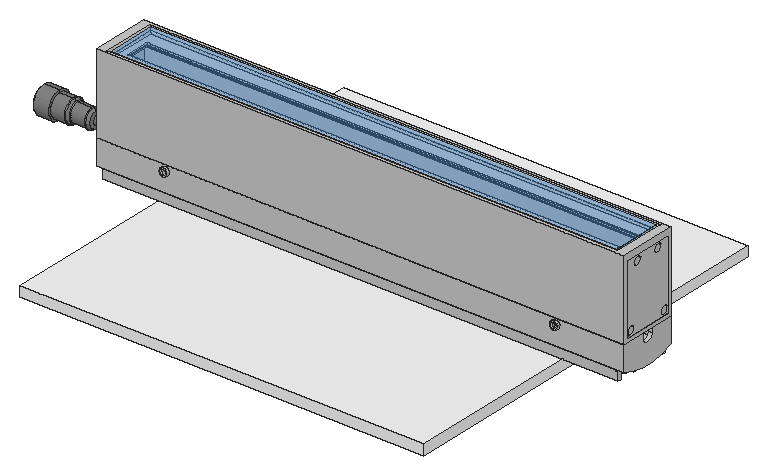
Revit family "BE_77156_de_DE", category Leuchten, Revit 2015
Parameters (values of type "BEGA_77156_Silber_K4")
  built-in parameter 1150104 = 13.686 (stored number, unit not read)
  Wattage = 16.8 W
  Default Elevation = 0 mm
  built-in parameter 1150113 = 1 (stored number, unit not read)
  built-in parameter 1114218 = 1 (stored number, unit not read)
  Umgebungstemperatur = "25 °C"
  URL = "http://www.bega.de/produkt/77156"
  Typenkommentare = "© 2017 BEGA. Wir behalten uns das Recht vor, technische Änderungen ohne vorherige Ankündigung vorzunehmen."  # constant formula
  Type Image = 77156.png
  built-in parameter 1150134 = 12
  built-in parameter 1150109 = 1 (stored number, unit not read)
  Strom = ""
  built-in parameter 1150110 = 1 (stored number, unit not read)
  Spannung = 239.996 V
  Sonderanfertigung = no
  Seriennummer [instance] = "Hier können Sie die eindeutige Seriennummer für das Facility Management eintragen."
  Schutzklasse = "I"
  Schutzart = "IP 65"
  Scheinlast = 0 VA
  Produktdatenblatt = "http://www.bega.de/download/Xrfa/db/77156.db.de.pdf"
  Oberflächentemperatur = ""
  Neigungswinkel = 0.00°
  Modell = "77156A"
  Material_18 = BEGA_Gummi_schwarz
  Material_17 = BEGA_Reflektor
  Material_15 = BEGA_Leuchtmedium_matt
  Material_11 = BEGA_Glas_opal
  Material_10 = BEGA_Glas_matt
  Material_09 = BEGA_Glas_klar
  Material_06 = BEGA_Oberfläche_Edelstahl_gebürstet
  Material_04 = BEGA_Kunststoff_Grafit_matt
  Material_03 = BEGA_Oberfläche_Weiss_matt
  Material_02 = BEGA_Oberfläche_Silber_matt
  Material_01 [instance] = BEGA_Oberfläche_Grafit_matt
  M_W = no
  M_G = no
  M_A = yes
  Logo = 0
  built-in parameter 1114217 = 1 (stored number, unit not read)
  built-in parameter 1150139 = (empty or 0)
  built-in parameter 1150105 = 196.95 (stored number, unit not read)
  built-in parameter 1150114 = 1 (stored number, unit not read)
  Lumens = 2474.98 lm
  built-in parameter 1150115 = 1 (stored number, unit not read)
  Leuchtenlichtstrom = "1019 lm"
  Leuchtenanzahl = ""
  Lebensdauerkriterien = "L70 = 50.000 h"
  Lastklassifizierung = Beleuchtung
  built-in parameter 1150112 = 1 (stored number, unit not read)
  Lampenlichtstrom = "2475 lm"
  Lampe = "LED 16.8 W"
  LED_Modulbezeichnung = "LED-0612/840"
  built-in parameter 1150142 = (empty or 0)
  Hersteller = "BEGA"  # constant formula
  Halbstreuwinkel = ""
  Gewicht = "3.0 kg"
  Gebrauchslageneinschränkung [instance] = ""
  Frequenz = "0/50-60 Hz"
  Farbwiedergabeindex = "Ra > 80"
  Farbtemperaturverschiebung bei Dämpfen der Lampe = <Keine Auswahl>
  Farbtemperatur = "4000 K"
  Color Filter = 16777215
  built-in parameter 1150133 = 10 (stored number, unit not read)
  Energieeffizienzklasse = "LED A++ - A"
  built-in parameter 1150137 = (empty or 0)
  built-in parameter 1150132 = (empty or 0)
  ENEC = ""
  Dimmbar [instance] = "DALI"
  Datei für fotometrisches Netz = "BE_77156.IES"
  CE_Konformität = "ja"
  Bestellnummer = "77156A"
  Beschreibung_Sonderanfertigung = "Hier können Sie Informationen zur Sonderanfertigung eintragen."
  Beschreibung = "Fassadenscheinwerfer"
  built-in parameter 1150106 = 1.9695 (stored number, unit not read)
  Befestigungsbohrung = "Ø 7 mm"
  Befestigungsabstand = "400 mm"
  Ballwurfsicher = ""
  BEGA_Intern_aus = yes
  BEGA_Intern_an = yes
  BEGA_Intern_Konstruktion = yes
  BEGA_Intern = yes
  BEGA_IES = yes
  BEGA_Dummy = no
  Anschlussleitung = "0.5 m X05BQ-F 5 G 1²"
  Anschlussleistung [instance] = "19.5 W"
  Anschlusskasten = ""
  built-in parameter 1150107 = 4000 (stored number, unit not read)
  built-in parameter 1150102 = (empty or 0)
  built-in parameter 1150138 = (empty or 0)
  Aktualisierung = "2017-01-26T04:13:31"
  Abstand_zur_angestrahlten_Fläche [instance] = ""
  AC/DC = "AC/DC"
Types (4, lengths in mm): name | built-in parameter 1150104 | built-in parameter 1150134 | Modell | M_G | M_A | built-in parameter 1150105 | Lumens | Leuchtenlichtstrom | Lampenlichtstrom | LED_Modulbezeichnung | Farbtemperatur | Datei für fotometrisches Netz | Bestellnummer | built-in parameter 1150106 | built-in parameter 1150107
  BEGA_77156_Silber_K3 | 12.525 (stored number, unit not read) | (empty or 0) | "77156AK3" | no | yes | 180.24 (stored number, unit not read) | 2264.98 lm | "932 lm" | "2265 lm" | "LED-0612/830" | "3000 K" | "BE_77156K3.IES" | "77156AK3" | 1.8024 (stored number, unit not read) | 3000 (stored number, unit not read)
  BEGA_77156_Silber_K4 | 13.686 (stored number, unit not read) | 12 | "77156A" | no | yes | 196.95 (stored number, unit not read) | 2474.98 lm | "1019 lm" | "2475 lm" | "LED-0612/840" | "4000 K" | "BE_77156.IES" | "77156A" | 1.9695 (stored number, unit not read) | 4000 (stored number, unit not read)
  BEGA_77156_Grafit_K4 | 13.686 (stored number, unit not read) | 12 | "77156" | yes | no | 196.95 (stored number, unit not read) | 2474.98 lm | "1019 lm" | "2475 lm" | "LED-0612/840" | "4000 K" | "BE_77156.IES" | "77156" | 1.9695 (stored number, unit not read) | 4000 (stored number, unit not read)
  BEGA_77156_Grafit_K3 | 12.525 (stored number, unit not read) | (empty or 0) | "77156K3" | yes | no | 180.24 (stored number, unit not read) | 2264.98 lm | "932 lm" | "2265 lm" | "LED-0612/830" | "3000 K" | "BE_77156K3.IES" | "77156K3" | 1.8024 (stored number, unit not read) | 3000 (stored number, unit not read)
Reference planes
  plane 1 "Mitte (Vorne/Hinten)": y = 0
  plane 2: z = 0
  plane 3 "Mitte (Links/Rechts)": x = 0
  plane 4 "Links": x = -261
  plane 5 "Rechts": x = 261
  plane 6 "Unten": y = -29
  plane 7 "Oben": y = 29
  plane 8 "Vorne": z = 113
  plane 9 "Hinten": z = 0
Forms (mm)
  Extrusion 1, solid, material "BEGA_Platte_Weiss"
    sketch origin (0, -1119.2, 0) x (1, 0, 0) y (0, 1, 0)
      loop
        line (-200, 1319.2) -> (-200, 919.2) -> (200, 919.2) -> (200, 1319.2) -> (-200, 1319.2)
    from 0 to -10
  Extrusion 2, solid, material "BEGA_Dummy_matt", visible <- "BEGA_Dummy"
    sketch origin (80.095, -76.023, 0) x (1, 0, 0) y (0, 1, 0)
      loop
        line (-341.095, 105.023) -> (-341.095, 47.023) -> (180.905, 47.023) -> (180.905, 105.023) -> (-341.095, 105.023)
    from 0 to 113
Dimensions and locks
  plane 1 "Mitte (Vorne/Hinten)" to Extrusion 1 = 200 mm
  aligned and locked: plane 2 to Extrusion 1
  aligned and locked: level to Extrusion 1
Nested families
  nested 1: "BE_77156_Scheinwerfer" at (0, 0, 0), type "BE_77156_Scheinwerfer"
Connectors
  electrical at (0, 0, 0), driven by "Lastklassifizierung", driven by "Spannung", driven by "Scheinlast"
    settings: index 1, voltage 239.996 V, apparent load 0 VA, apparent load phase1 0 VA, apparent load phase2 0 VA, apparent load phase3 0 VA, power factor 1, load classification "Beleuchtung", number of poles 1, system type 31, power factor state 1, is connector primary yes, connector utility no, sub classification motor no, connector description ""
Definition of nested family "BE_77156_Scheinwerfer"
  Parameters (values of type "BE_77156_Scheinwerfer")
    Default Elevation = 1 mm
    URL = "http://www.bega.de/de/produkt"
    Type Comments = "© 2015 BEGA. Wir behalten uns das Recht vor, technische Änderungen ohne vorherige Ankündigung vorzunehmen. "  # constant formula
    Type Image = (empty or 0)
    Material_18 = none
    Material_17 = none
    Material_15 = none
    Material_11 = none
    Material_10 = none
    Material_09 = none
    Material_06 = none
    Material_04 = none
    Material_03 = none
    Material_02 = none
    Material_01 = none
    M_W = yes
    M_G = yes
    M_A = yes
    Länge_Platte = 600 mm  # constant formula
    Höhe_Platte = -10 mm  # constant formula
    Manufacturer = "BEGA"  # constant formula
    Breite_Platte = 200 mm  # constant formula
  Reference planes
    plane 1 "Mitte (Oben/Unten)": y = 0
    plane 2: z = 0
    plane 3 "Mitte (Links/Rechts)": x = 0
    plane 4: x = -342.9
    plane 5: x = 261
    plane 6: z = 113.3
    plane 7: y = -29
    plane 8: y = 29
  Forms (mm)
    Extrusion 1, solid, detail levels medium
      sketch origin (0, 0, 0) x (1, 0, 0) y (0, 1, 0)
        loop
          line (-300, 100) -> (-300, -100) -> (300, -100) -> (300, 100) -> (-300, 100)
      from 0 to -10 <- "Höhe_Platte"
    Extrusion 2, solid, material <- "Material_01", visible <- "M_G", detail levels medium+fine
      sketch origin (0, 0, 0) x (0, 1, 0) y (0, 0, 1)
        loop
          line (-29, 0) -> (-26.3, 0) -> (-26.3, 4.91)
          arc (-26.3, 4.91) -> (-26.086, 5.32) -> (-25.627, 5.379) r 0.5
          arc (-25.627, 5.379) -> (-17.92, 3.003) -> (-10, 1.479) r 74
          line (-10, 1.479) -> (-10, 0.2) -> (10, 0.2) -> (10, 1.482)
          arc (10, 1.482) -> (17.921, 3.006) -> (25.629, 5.383) r 73.998
          arc (25.629, 5.383) -> (26.086, 5.326) -> (26.299, 4.918) r 0.497
          line (26.299, 4.918) -> (26.299, 0) -> (29, 0) -> (29, 8.899)
          arc (29, 8.899) -> (28.775, 9.317) -> (28.302, 9.358) r 0.5
          arc (28.302, 9.358) -> (0, 3.5) -> (-28.301, 9.358) r 71.3
          arc (-28.301, 9.358) -> (-28.774, 9.317) -> (-29, 8.899) r 0.5
          line (-29, 8.899) -> (-29, 0)
      from -255 to 255
    Extrusion 3, solid, material <- "Material_01", visible <- "M_G", detail levels medium+fine
      sketch origin (0, 0, 0) x (0, 1, 0) y (0, 0, 1)
        loop
          arc (-29, 9.993) -> (0, 3.8) -> (29, 9.993) r 71
          line (29, 9.993) -> (29, 34.8) -> (25.401, 34.8) -> (25.401, 12.395)
          arc (25.401, 12.395) -> (0, 7.696) -> (-25.401, 12.395) r 71
          line (-25.401, 12.395) -> (-25.401, 34.8) -> (-29, 34.8) -> (-29, 9.993)
      from -261 to 261
    Sweep 4, solid, material <- "Material_01", visible <- "M_G", detail levels medium+fine
      path origin (0, 0, 0) x (1, 0, 0) y (0, 1, 0)
        loop
          line (-261, 29) -> (-261, -29) -> (261, -29) -> (261, 29) -> (-261, 29)
      profile origin (-261, 0, 0) x (1, 0, 0) y (0, 0, 1)
        loop
          line (0, 113.3) -> (0, 34.8) -> (11, 34.8) -> (11, 40.679) -> (3.5, 40.679) -> (3.5, 103.406) -> (17.035, 103.406)
          arc (17.035, 103.406) -> (17.719, 103.711) -> (18, 104.406) r 1
          line (18, 104.406) -> (18, 105.896)
          arc (18, 105.896) -> (17.713, 106.596) -> (17.017, 106.895) r 1
          line (17.017, 106.895) -> (11.125, 106.895) -> (8.794, 113.3) -> (0, 113.3)
    Extrusion 5, void
      sketch origin (0, 0, 0) x (1, 0, 0) y (0, 0, 1)
        loop
          line (261, 37.756) -> (261, 107.746) -> (258.218, 107.746) -> (258.218, 37.756) -> (261, 37.756)
      from -26.267 to 26.244
    Extrusion 6, solid, material <- "Material_01", visible <- "M_G", detail levels medium+fine
      sketch origin (0, 0, 0) x (1, 0, 0) y (0, 0, 1)
        loop
          line (260.719, 106.748) -> (258.218, 106.748) -> (258.218, 38.353) -> (260.719, 38.353) -> (260.719, 106.748)
      from -25.5 to 25.5
    Extrusion 7, solid, material <- "Material_01", visible <- "M_G", detail levels medium+fine
      sketch origin (0, 0, 0) x (0, 1, 0) y (0, 0, 1)
        loop
          line (-29, 34.8) -> (-29, 9.993)
          arc (-29, 9.993) -> (0, 3.8) -> (29, 9.993) r 71
          line (29, 9.993) -> (29, 34.8) -> (6, 34.8) -> (6, 29.8)
          arc (6, 29.8) -> (0, 23.8) -> (-6, 29.8) r 6
          line (-6, 29.8) -> (-6, 34.8) -> (-29, 34.8)
      from 257 to 261
    Extrusion 8, solid, material <- "Material_01", visible <- "M_G", detail levels medium+fine
      sketch origin (0, 0, 0) x (0, 1, 0) y (0, 0, -1)
        loop
          line (-29, -34.8) -> (-6, -34.8) -> (-6, -29.8)
          arc (-6, -29.8) -> (0, -23.8) -> (6, -29.8) r 6
          line (6, -29.8) -> (6, -34.8) -> (29, -34.8) -> (29, -10.487)
          arc (29, -10.487) -> (0, -4.294) -> (-29, -10.487) r 71
          line (-29, -10.487) -> (-29, -34.8)
      from 257 to 261
    Extrusion 9, void
      sketch origin (0, 0, 0) x (1, 0, 0) y (0, 1, 0)
        loop
          circle (0, 0) r 7.5
        loop
          circle (-200, 0) r 3.5
        loop
          circle (200, 0) r 3.5
      from 0 to 10
    Revolve 10, solid, material <- "Material_01", visible <- "M_G", detail levels medium+fine
      sketch origin (-193, 0, 0) x (0, 1, 0) y (0, 0, 1)
        loop
          line (-31.453, 32.75) -> (-31.453, 31.8) -> (-27.5, 31.8) -> (-27.5, 32.75) -> (-31.453, 32.75)
        axis (-31.453, 28.8) -> (-27.5, 28.8)
      angle from 0 to 360
    Revolve 11, solid, material <- "Material_01", visible <- "M_G", detail levels medium+fine
      sketch origin (193, 0, 0) x (0, 1, 0) y (0, 0, -1)
        loop
          line (-31.453, -32.75) -> (-27.5, -32.75) -> (-27.5, -31.8) -> (-31.453, -31.8) -> (-31.453, -32.75)
        axis (-31.453, -28.8) -> (-27.5, -28.8)
      angle from 0 to 360
    Revolve 12, solid, material <- "Material_06", detail levels fine
      sketch origin (-193, 0, 0) x (0, 1, 0) y (0, 0, 1)
        loop
          line (-30.053, 31.8) -> (-30.053, 28.8) -> (-26.193, 28.8) -> (-26.193, 31.8) -> (-30.053, 31.8)
        axis (-30.053, 28.8) -> (-26.193, 28.8)
      angle from 0 to 360
    Revolve 13, solid, material <- "Material_06", detail levels fine
      sketch origin (193, 0, 0) x (0, 1, 0) y (0, 0, -1)
        loop
          line (-30.053, -31.8) -> (-26.193, -31.8) -> (-26.193, -28.8) -> (-30.053, -28.8) -> (-30.053, -31.8)
        axis (-30.053, -28.8) -> (-26.193, -28.8)
      angle from 0 to 360
    Revolve 14, solid, material <- "Material_04", detail levels medium+fine
      sketch origin (0, 0, 0) x (1, 0, 0) y (0, 0, 1)
        loop
          line (-320.8, 43.3) -> (-335.5, 43.3) -> (-336.7, 42.1) -> (-336.7, 32.8) -> (-342.9, 32.8) -> (-342.9, 29.8) -> (-260.5, 29.8) -> (-260.5, 34.15) -> (-284, 34.15) -> (-284, 37.8) -> (-287, 39.3) -> (-288, 39.3)
          arc (-288, 39.3) -> (-288.146, 38.947) -> (-288.5, 38.8) r 0.5
          line (-288.5, 38.8) -> (-302.464, 38.8)
          arc (-302.464, 38.8) -> (-303.418, 38.99) -> (-304.228, 39.528) r 2.5
          line (-304.228, 39.528) -> (-305.707, 41.008)
          arc (-305.707, 41.008) -> (-306.032, 41.224) -> (-306.414, 41.3) r 1
          line (-306.414, 41.3) -> (-320, 41.3) -> (-320, 39.8) -> (-320.8, 39.8) -> (-320.8, 43.3)
        axis (-342.9, 29.8) -> (-260.5, 29.8)
      angle from 0 to 360
    Revolve 15, void
      sketch origin (0, -12.5, -0.101) x (1, 0, 0) y (0, 0, 1)
        loop
          line (261.225, 106.482) -> (258.494, 103.752) -> (258.494, 101.902) -> (261.225, 101.902) -> (261.225, 106.482)
        axis (258.494, 101.902) -> (261.225, 101.902)
      angle from 0 to 360
    Revolve 16, void
      sketch origin (0, 12.5, -0.101) x (1, 0, 0) y (0, 0, -1)
        loop
          line (261.225, -106.482) -> (261.225, -101.902) -> (258.494, -101.902) -> (258.494, -103.752) -> (261.225, -106.482)
        axis (258.494, -101.902) -> (261.225, -101.902)
      angle from 0 to 360
    Revolve 17, void
      sketch origin (0, -20.5, -58.602) x (1, 0, 0) y (0, 0, 1)
        loop
          line (261.225, 106.482) -> (258.494, 103.752) -> (258.494, 101.902) -> (261.225, 101.902) -> (261.225, 106.482)
        axis (258.494, 101.902) -> (261.225, 101.902)
      angle from 0 to 360
    Revolve 18, void
      sketch origin (0, 20.5, -58.602) x (1, 0, 0) y (0, 0, -1)
        loop
          line (261.225, -106.482) -> (261.225, -101.902) -> (258.494, -101.902) -> (258.494, -103.752) -> (261.225, -106.482)
        axis (258.494, -101.902) -> (261.225, -101.902)
      angle from 0 to 360
    Extrusion 19, solid, material <- "Material_06", detail levels fine
      sketch origin (0, 0, 0) x (0, 1, 0) y (0, 0, 1)
        loop
          circle (-12.5, 101.8) r 4.009
        loop
          circle (12.5, 101.8) r 4.009
        loop
          circle (-20.5, 43.3) r 4.009
        loop
          circle (20.5, 43.3) r 4.009
      from 259.244 to 260.506
    Extrusion 20, solid, material <- "Material_10", detail levels medium+fine
      sketch origin (0, 0, 0) x (1, 0, 0) y (0, 0, 1)
        loop
          line (-250.25, 113) -> (-250.25, 109) -> (250.25, 109) -> (250.25, 113) -> (-250.25, 113)
      from -25 to 25
    Sweep 21, void
      path origin (0, 0, 0) x (1, 0, 0) y (0, 1, 0)
        loop
          line (255, 29) -> (-255, 29) -> (-255, -29) -> (255, -29) -> (255, 29)
      profile origin (0, 29, 0) x (0, -1, 0) y (0, 0, 1)
        loop
          line (12.06, 106.895) -> (9.517, 113.881) -> (2.237, 113.881) -> (4.779, 106.895) -> (12.06, 106.895)
    Extrusion 22, solid, material <- "Material_02", visible <- "M_A", detail levels medium+fine
      sketch origin (0, 0, 0) x (0, 1, 0) y (0, 0, 1)
        loop
          line (-29, 0) -> (-26.3, 0) -> (-26.3, 4.91)
          arc (-26.3, 4.91) -> (-26.086, 5.32) -> (-25.627, 5.379) r 0.5
          arc (-25.627, 5.379) -> (-17.92, 3.003) -> (-10, 1.479) r 74
          line (-10, 1.479) -> (-10, 0.2) -> (10, 0.2) -> (10, 1.482)
          arc (10, 1.482) -> (17.921, 3.006) -> (25.629, 5.383) r 73.998
          arc (25.629, 5.383) -> (26.086, 5.326) -> (26.299, 4.918) r 0.497
          line (26.299, 4.918) -> (26.299, 0) -> (29, 0) -> (29, 8.899)
          arc (29, 8.899) -> (28.775, 9.317) -> (28.302, 9.358) r 0.5
          arc (28.302, 9.358) -> (0, 3.5) -> (-28.301, 9.358) r 71.3
          arc (-28.301, 9.358) -> (-28.774, 9.317) -> (-29, 8.899) r 0.5
          line (-29, 8.899) -> (-29, 0)
      from -255 to 255
    Extrusion 23, solid, material <- "Material_02", visible <- "M_A", detail levels medium+fine
      sketch origin (0, 0, 0) x (0, 1, 0) y (0, 0, 1)
        loop
          arc (-29, 9.993) -> (0, 3.8) -> (29, 9.993) r 71
          line (29, 9.993) -> (29, 34.8) -> (25.401, 34.8) -> (25.401, 12.395)
          arc (25.401, 12.395) -> (0, 7.696) -> (-25.401, 12.395) r 71
          line (-25.401, 12.395) -> (-25.401, 34.8) -> (-29, 34.8) -> (-29, 9.993)
      from -261 to 261
    Extrusion 24, solid, material <- "Material_02", visible <- "M_A", detail levels medium+fine
      sketch origin (0, 0, 0) x (0, 1, 0) y (0, 0, 1)
        loop
          line (-29, 34.8) -> (-29, 9.993)
          arc (-29, 9.993) -> (0, 3.8) -> (29, 9.993) r 71
          line (29, 9.993) -> (29, 34.8) -> (6, 34.8) -> (6, 29.8)
          arc (6, 29.8) -> (0, 23.8) -> (-6, 29.8) r 6
          line (-6, 29.8) -> (-6, 34.8) -> (-29, 34.8)
      from 257 to 261
    Extrusion 25, solid, material <- "Material_02", visible <- "M_A", detail levels medium+fine
      sketch origin (0, 0, 0) x (0, 1, 0) y (0, 0, -1)
        loop
          line (-29, -34.8) -> (-6, -34.8) -> (-6, -29.8)
          arc (-6, -29.8) -> (0, -23.8) -> (6, -29.8) r 6
          line (6, -29.8) -> (6, -34.8) -> (29, -34.8) -> (29, -10.487)
          arc (29, -10.487) -> (0, -4.294) -> (-29, -10.487) r 71
          line (-29, -10.487) -> (-29, -34.8)
      from 257 to 261
    Revolve 26, solid, material <- "Material_02", visible <- "M_A", detail levels medium+fine
      sketch origin (-193, 0, 0) x (0, 1, 0) y (0, 0, 1)
        loop
          line (-31.453, 32.75) -> (-31.453, 31.8) -> (-27.5, 31.8) -> (-27.5, 32.75) -> (-31.453, 32.75)
        axis (-31.453, 28.8) -> (-27.5, 28.8)
      angle from 0 to 360
    Revolve 27, solid, material <- "Material_02", visible <- "M_A", detail levels medium+fine
      sketch origin (193, 0, 0) x (0, 1, 0) y (0, 0, -1)
        loop
          line (-31.453, -32.75) -> (-27.5, -32.75) -> (-27.5, -31.8) -> (-31.453, -31.8) -> (-31.453, -32.75)
        axis (-31.453, -28.8) -> (-27.5, -28.8)
      angle from 0 to 360
    Sweep 28, solid, material <- "Material_02", visible <- "M_A", detail levels medium+fine
      path origin (0, 0, 0) x (1, 0, 0) y (0, 1, 0)
        loop
          line (-261, 29) -> (-261, -29) -> (261, -29) -> (261, 29) -> (-261, 29)
      profile origin (-261, 0, 0) x (1, 0, 0) y (0, 0, 1)
        loop
          line (0, 113.3) -> (0, 34.8) -> (11, 34.8) -> (11, 40.679) -> (3.5, 40.679) -> (3.5, 103.406) -> (17.035, 103.406)
          arc (17.035, 103.406) -> (17.719, 103.711) -> (18, 104.406) r 1
          line (18, 104.406) -> (18, 105.896)
          arc (18, 105.896) -> (17.713, 106.596) -> (17.017, 106.895) r 1
          line (17.017, 106.895) -> (11.125, 106.895) -> (8.794, 113.3) -> (0, 113.3)
    Extrusion 29, solid, material <- "Material_02", visible <- "M_A", detail levels medium+fine
      sketch origin (0, 0, 0) x (1, 0, 0) y (0, 0, 1)
        loop
          line (260.719, 106.748) -> (258.218, 106.748) -> (258.218, 38.353) -> (260.719, 38.353) -> (260.719, 106.748)
      from -25.5 to 25.5
  Cuts and joins
    Extrusion 5, Sweep 21 cuts Sweep 4
    Extrusion 9 cuts Extrusion 3
    Extrusion 9 cuts Extrusion 7
    Extrusion 9 cuts Extrusion 8
    joined: Extrusion 3, Extrusion 7, Extrusion 8, Revolve 10, Revolve 11
    Extrusion 9 cuts Extrusion 2
    Revolve 15, Revolve 16, Revolve 17, Revolve 18 cuts Extrusion 6
    Extrusion 9 cuts Extrusion 22
    joined: Extrusion 23, Extrusion 24, Extrusion 25, Revolve 26, Revolve 27
    Extrusion 5, Sweep 21 cuts Sweep 28
    Revolve 15, Revolve 16, Revolve 17, Revolve 18 cuts Extrusion 29
  Dimensions and locks
    equal spacing: Extrusion 1 sketch curve, plane 3 "Mitte (Links/Rechts)", Extrusion 1 sketch curve
    equal spacing: Extrusion 1 sketch curve, plane 1 "Mitte (Oben/Unten)", Extrusion 1 sketch curve
    "Länge_Platte": Extrusion 1 sketch curve to Extrusion 1 sketch curve
    "Breite_Platte": Extrusion 1 sketch curve to Extrusion 1 sketch curve
    level to Extrusion 3 = 34.8 mm
    aligned and locked: Extrusion 1 to plane 2
    aligned and locked: level to Extrusion 1
  Automatic sketch dimensions
    Extrusion 2 sketch curve to Extrusion 2 sketch curve = 0 mm  (x5)
    Extrusion 2 sketch curve to level = 0 mm  (x2)
    level to Extrusion 2 sketch curve = 8.899 mm
    plane 1 "Mitte (Oben/Unten)" to Extrusion 2 sketch curve = 29 mm
    Extrusion 2 sketch curve to Extrusion 2 sketch curve = 0.5 mm  (x2)
    Extrusion 2 sketch curve to Extrusion 2 sketch curve = 2.7 mm
    level to Extrusion 2 sketch curve = 0.2 mm
    plane 1 "Mitte (Oben/Unten)" to Extrusion 2 sketch curve = 10 mm
    Extrusion 2 sketch curve to plane 1 "Mitte (Oben/Unten)" = 0 mm  (x2)
    Extrusion 2 sketch curve to plane 1 "Mitte (Oben/Unten)" = 10 mm
    level to Extrusion 2 sketch curve = 4.918 mm
    Extrusion 2 sketch curve to Extrusion 2 sketch curve = 15.802 mm
    Extrusion 2 sketch curve to Extrusion 2 sketch curve = 0.497 mm
    Extrusion 2 sketch curve to Extrusion 2 sketch curve = 2.201 mm
    Extrusion 2 sketch curve to Extrusion 2 sketch curve = 2.701 mm
    Extrusion 2 sketch curve to Extrusion 2 sketch curve = 1.279 mm
    Extrusion 2 sketch curve to Extrusion 2 sketch curve = 1.282 mm
    Extrusion 2 sketch curve to Extrusion 2 sketch curve = 3.989 mm
    Extrusion 2 sketch curve to Extrusion 2 sketch curve = 3.981 mm
    Extrusion 2 sketch curve to Extrusion 2 sketch curve = 65.901 mm
    Extrusion 2 sketch curve to Extrusion 2 sketch curve = 0.002 mm
    Extrusion 2 sketch curve to Extrusion 2 sketch curve = 0.198 mm  (x2)
    Extrusion 3 sketch curve to plane 1 "Mitte (Oben/Unten)" = 0 mm  (x2)
    plane 1 "Mitte (Oben/Unten)" to Extrusion 3 sketch curve = 25.401 mm
    Extrusion 3 sketch curve to Extrusion 3 sketch curve = 3.599 mm  (x2)
    level to Extrusion 3 sketch curve = 12.395 mm
    Extrusion 3 sketch curve to plane 1 "Mitte (Oben/Unten)" = 25.401 mm
    Extrusion 3 sketch curve to Extrusion 3 sketch curve = 2.402 mm
    Extrusion 3 sketch curve to Extrusion 3 sketch curve = 22.405 mm  (x2)
    Extrusion 3 sketch curve to Extrusion 3 sketch curve = 40 mm
    Extrusion 3 sketch curve to Extrusion 3 sketch curve = 3.895 mm
    plane 1 "Mitte (Oben/Unten)" to Sweep 4 sketch curve = 29 mm
    Sweep 4 sketch curve to plane 3 "Mitte (Links/Rechts)" = 261 mm
    plane 3 "Mitte (Links/Rechts)" to Sweep 4 sketch curve = 261 mm
    Sweep 4 sketch curve to plane 1 "Mitte (Oben/Unten)" = 29 mm
    profile plane to Sweep 4 sketch curve = 0 mm
    Sweep 4 sketch curve to profile plane = 3.5 mm
    Sweep 4 sketch curve to profile plane = 8.794 mm
    Sweep 4 sketch curve to Sweep 4 sketch curve = 7.5 mm
    Sweep 4 sketch curve to Sweep 4 sketch curve = 2.331 mm
    Sweep 4 sketch curve to Sweep 4 sketch curve = 5.875 mm
    Sweep 4 sketch curve to Sweep 4 sketch curve = 0 mm
    Sweep 4 sketch curve to Sweep 4 sketch curve = 0.017 mm
    Sweep 4 sketch curve to Sweep 4 sketch curve = 0.035 mm
    Sweep 4 sketch curve to Sweep 4 sketch curve = 1 mm
    level to Sweep 4 sketch curve = 34.8 mm
    Sweep 4 sketch curve to Sweep 4 sketch curve = 5.878 mm
    Sweep 4 sketch curve to Sweep 4 sketch curve = 62.728 mm
    Sweep 4 sketch curve to Sweep 4 sketch curve = 1.49 mm
    Sweep 4 sketch curve to Sweep 4 sketch curve = 9.894 mm
    level to Extrusion 5 sketch curve = 37.756 mm
    plane 3 "Mitte (Links/Rechts)" to Extrusion 5 sketch curve = 258.218 mm
    Extrusion 5 sketch curve to Extrusion 5 sketch curve = 2.782 mm
    Extrusion 5 sketch curve to Extrusion 5 sketch curve = 69.99 mm
    level to Extrusion 6 sketch curve = 38.353 mm
    plane 3 "Mitte (Links/Rechts)" to Extrusion 6 sketch curve = 258.218 mm
    Extrusion 6 sketch curve to Extrusion 6 sketch curve = 2.501 mm
    Extrusion 6 sketch curve to Extrusion 6 sketch curve = 68.395 mm
    Extrusion 7 sketch curve to plane 1 "Mitte (Oben/Unten)" = 0 mm  (x2)
    plane 1 "Mitte (Oben/Unten)" to Extrusion 7 sketch curve = 6 mm
    Extrusion 7 sketch curve to Extrusion 7 sketch curve = 23 mm
    level to Extrusion 7 sketch curve = 9.993 mm
    Extrusion 7 sketch curve to plane 1 "Mitte (Oben/Unten)" = 29 mm
    level to Extrusion 7 sketch curve = 29.8 mm
    Extrusion 7 sketch curve to Extrusion 7 sketch curve = 5 mm  (x2)
    Extrusion 7 sketch curve to Extrusion 7 sketch curve = 40 mm
    Extrusion 8 sketch curve to plane 1 "Mitte (Oben/Unten)" = 0 mm  (x2)
    plane 1 "Mitte (Oben/Unten)" to Extrusion 8 sketch curve = 6 mm
    Extrusion 8 sketch curve to Extrusion 8 sketch curve = 23 mm
    level to Extrusion 8 sketch curve = 10.487 mm
    Extrusion 8 sketch curve to plane 1 "Mitte (Oben/Unten)" = 29 mm
    level to Extrusion 8 sketch curve = 29.8 mm
    Extrusion 8 sketch curve to Extrusion 8 sketch curve = 5 mm  (x2)
    Extrusion 8 sketch curve to Extrusion 8 sketch curve = 40.494 mm
    Extrusion 9 sketch curve to plane 1 "Mitte (Oben/Unten)" = 0 mm
    plane 1 "Mitte (Oben/Unten)" to Extrusion 9 sketch curve = 0 mm  (x2)
    Extrusion 9 sketch curve to plane 3 "Mitte (Links/Rechts)" = 0 mm
    Extrusion 9 sketch curve to Extrusion 9 sketch curve = 200 mm
    plane 3 "Mitte (Links/Rechts)" to Extrusion 9 sketch curve = 200 mm
    plane 1 "Mitte (Oben/Unten)" to Revolve 10 sketch curve = 31.453 mm
    Revolve 10 sketch curve to Revolve 10 sketch curve = 3.953 mm
    level to Revolve 10 sketch curve = 31.8 mm
    Revolve 10 sketch curve to Revolve 10 sketch curve = 0.95 mm
    Revolve 10 sketch curve to Revolve 10 sketch curve = 0.641 mm
    Revolve 10 sketch curve to Revolve 10 sketch curve = 2.294 mm
    Revolve 10 sketch curve to Revolve 10 sketch curve = 3 mm
    plane 1 "Mitte (Oben/Unten)" to Revolve 11 sketch curve = 31.453 mm
    Revolve 11 sketch curve to Revolve 11 sketch curve = 3.953 mm
    level to Revolve 11 sketch curve = 32.75 mm
    Revolve 11 sketch curve to Revolve 11 sketch curve = 0.95 mm
    Revolve 11 sketch curve to Revolve 11 sketch curve = 0.641 mm
    Revolve 11 sketch curve to Revolve 11 sketch curve = 2.294 mm
    Revolve 11 sketch curve to Revolve 11 sketch curve = 3 mm
    plane 1 "Mitte (Oben/Unten)" to Revolve 12 sketch curve = 30.053 mm
    Revolve 12 sketch curve to Revolve 12 sketch curve = 3.861 mm
    level to Revolve 12 sketch curve = 28.8 mm
    Revolve 12 sketch curve to Revolve 12 sketch curve = 3 mm
    Revolve 12 sketch curve to Revolve 12 sketch curve = 1.053 mm
    Revolve 12 sketch curve to Revolve 12 sketch curve = 1.25 mm
    Revolve 12 sketch curve to Revolve 12 sketch curve = 0 mm
    plane 1 "Mitte (Oben/Unten)" to Revolve 13 sketch curve = 30.053 mm
    Revolve 13 sketch curve to Revolve 13 sketch curve = 3.861 mm
    level to Revolve 13 sketch curve = 31.8 mm
    Revolve 13 sketch curve to Revolve 13 sketch curve = 3 mm
    Revolve 13 sketch curve to Revolve 13 sketch curve = 1.053 mm
    Revolve 13 sketch curve to Revolve 13 sketch curve = 1.25 mm
    Revolve 13 sketch curve to Revolve 13 sketch curve = 0 mm
    level to Revolve 14 sketch curve = 29.8 mm
    Revolve 14 sketch curve to plane 3 "Mitte (Links/Rechts)" = 342.9 mm
    level to Revolve 14 sketch curve = 42.1 mm
    Revolve 14 sketch curve to Revolve 14 sketch curve = 6.2 mm
    level to Revolve 14 sketch curve = 43.3 mm
    Revolve 14 sketch curve to Revolve 14 sketch curve = 1.2 mm
    Revolve 14 sketch curve to Revolve 14 sketch curve = 14.7 mm
    Revolve 14 sketch curve to Revolve 14 sketch curve = 0.8 mm
    Revolve 14 sketch curve to Revolve 14 sketch curve = 13.586 mm
    level to Revolve 14 sketch curve = 39.528 mm
    Revolve 14 sketch curve to Revolve 14 sketch curve = 2.187 mm
    Revolve 14 sketch curve to Revolve 14 sketch curve = 1.763 mm
    Revolve 14 sketch curve to Revolve 14 sketch curve = 13.964 mm
    Revolve 14 sketch curve to Revolve 14 sketch curve = 0.5 mm
    Revolve 14 sketch curve to Revolve 14 sketch curve = 1 mm  (x2)
    level to Revolve 14 sketch curve = 37.8 mm
    Revolve 14 sketch curve to Revolve 14 sketch curve = 3 mm  (x2)
    Revolve 14 sketch curve to Revolve 14 sketch curve = 23.5 mm
    Revolve 14 sketch curve to Revolve 14 sketch curve = 4.35 mm
    Revolve 14 sketch curve to Revolve 14 sketch curve = 3.5 mm
    Revolve 14 sketch curve to Revolve 14 sketch curve = 0.772 mm
    Revolve 14 sketch curve to Revolve 14 sketch curve = 1.5 mm
    Revolve 14 sketch curve to Revolve 14 sketch curve = 0.707 mm
    level to Revolve 14 sketch curve = 41.008 mm
    Revolve 14 sketch curve to Revolve 14 sketch curve = 0 mm
    Revolve 14 sketch curve to Revolve 14 sketch curve = 3.702 mm
    Revolve 14 sketch curve to Revolve 14 sketch curve = 7.729 mm
    Revolve 14 sketch curve to Revolve 14 sketch curve = 9 mm
    level to Revolve 15 sketch curve = 101.8 mm
    plane 3 "Mitte (Links/Rechts)" to Revolve 15 sketch curve = 258.494 mm
    Revolve 15 sketch curve to Revolve 15 sketch curve = 2.731 mm  (x2)
    Revolve 15 sketch curve to Revolve 15 sketch curve = 1.85 mm
    Revolve 15 sketch curve to Revolve 15 sketch curve = 0 mm  (x2)
    Revolve 15 sketch curve to Revolve 15 sketch curve = 1.225 mm
    level to Revolve 16 sketch curve = 101.8 mm
    plane 3 "Mitte (Links/Rechts)" to Revolve 16 sketch curve = 258.494 mm
    Revolve 16 sketch curve to Revolve 16 sketch curve = 2.731 mm  (x2)
    Revolve 16 sketch curve to Revolve 16 sketch curve = 1.85 mm
    Revolve 16 sketch curve to Revolve 16 sketch curve = 0 mm  (x2)
    Revolve 16 sketch curve to Revolve 16 sketch curve = 1.225 mm
    level to Revolve 17 sketch curve = 43.3 mm
    plane 3 "Mitte (Links/Rechts)" to Revolve 17 sketch curve = 258.494 mm
    Revolve 17 sketch curve to Revolve 17 sketch curve = 2.731 mm  (x2)
    Revolve 17 sketch curve to Revolve 17 sketch curve = 1.85 mm
    Revolve 17 sketch curve to Revolve 17 sketch curve = 0 mm  (x2)
    Revolve 17 sketch curve to Revolve 17 sketch curve = 1.225 mm
    level to Revolve 18 sketch curve = 43.3 mm
    plane 3 "Mitte (Links/Rechts)" to Revolve 18 sketch curve = 258.494 mm
    Revolve 18 sketch curve to Revolve 18 sketch curve = 2.731 mm  (x2)
    Revolve 18 sketch curve to Revolve 18 sketch curve = 1.85 mm
    Revolve 18 sketch curve to Revolve 18 sketch curve = 0 mm  (x2)
    Revolve 18 sketch curve to Revolve 18 sketch curve = 1.225 mm
    plane 1 "Mitte (Oben/Unten)" to Extrusion 19 sketch curve = 20.5 mm
    plane 1 "Mitte (Oben/Unten)" to Extrusion 19 sketch curve = 12.5 mm
    Extrusion 19 sketch curve to plane 1 "Mitte (Oben/Unten)" = 12.5 mm
    Extrusion 19 sketch curve to plane 1 "Mitte (Oben/Unten)" = 20.5 mm
    level to Extrusion 19 sketch curve = 43.3 mm
    Extrusion 19 sketch curve to Extrusion 19 sketch curve = 0 mm  (x2)
    Extrusion 19 sketch curve to Extrusion 19 sketch curve = 58.5 mm
    level to Extrusion 20 sketch curve = 109 mm
    Extrusion 20 sketch curve to plane 3 "Mitte (Links/Rechts)" = 250.25 mm
    plane 3 "Mitte (Links/Rechts)" to Extrusion 20 sketch curve = 250.25 mm
    Extrusion 20 sketch curve to Extrusion 20 sketch curve = 4 mm
    Sweep 21 sketch curve to plane 1 "Mitte (Oben/Unten)" = 29 mm
    Sweep 21 sketch curve to plane 3 "Mitte (Links/Rechts)" = 255 mm
    plane 1 "Mitte (Oben/Unten)" to Sweep 21 sketch curve = 29 mm
    plane 3 "Mitte (Links/Rechts)" to Sweep 21 sketch curve = 255 mm
    Sweep 21 sketch curve to profile plane = 2.237 mm
    Sweep 21 sketch curve to profile plane = 4.779 mm
    Sweep 21 sketch curve to Sweep 21 sketch curve = 7.28 mm  (x2)
    level to Sweep 21 sketch curve = 106.895 mm
    Sweep 21 sketch curve to Sweep 21 sketch curve = 6.985 mm
    Extrusion 22 sketch curve to Extrusion 22 sketch curve = 0 mm  (x5)
    Extrusion 22 sketch curve to level = 0 mm  (x2)
    level to Extrusion 22 sketch curve = 8.899 mm
    plane 1 "Mitte (Oben/Unten)" to Extrusion 22 sketch curve = 29 mm
    Extrusion 22 sketch curve to Extrusion 22 sketch curve = 0.5 mm  (x2)
    Extrusion 22 sketch curve to Extrusion 22 sketch curve = 2.7 mm
    level to Extrusion 22 sketch curve = 0.2 mm
    plane 1 "Mitte (Oben/Unten)" to Extrusion 22 sketch curve = 10 mm
    Extrusion 22 sketch curve to plane 1 "Mitte (Oben/Unten)" = 0 mm  (x2)
    Extrusion 22 sketch curve to plane 1 "Mitte (Oben/Unten)" = 10 mm
    level to Extrusion 22 sketch curve = 4.918 mm
    Extrusion 22 sketch curve to Extrusion 22 sketch curve = 15.802 mm
    Extrusion 22 sketch curve to Extrusion 22 sketch curve = 0.497 mm
    Extrusion 22 sketch curve to Extrusion 22 sketch curve = 2.201 mm
    Extrusion 22 sketch curve to Extrusion 22 sketch curve = 2.701 mm
    Extrusion 22 sketch curve to Extrusion 22 sketch curve = 1.279 mm
    Extrusion 22 sketch curve to Extrusion 22 sketch curve = 1.282 mm
    Extrusion 22 sketch curve to Extrusion 22 sketch curve = 3.989 mm
    Extrusion 22 sketch curve to Extrusion 22 sketch curve = 3.981 mm
    Extrusion 22 sketch curve to Extrusion 22 sketch curve = 65.901 mm
    Extrusion 22 sketch curve to Extrusion 22 sketch curve = 0.002 mm
    Extrusion 22 sketch curve to Extrusion 22 sketch curve = 0.198 mm  (x2)
    Extrusion 23 sketch curve to plane 1 "Mitte (Oben/Unten)" = 0 mm  (x2)
    plane 1 "Mitte (Oben/Unten)" to Extrusion 23 sketch curve = 25.401 mm
    Extrusion 23 sketch curve to Extrusion 23 sketch curve = 3.599 mm  (x2)
    level to Extrusion 23 sketch curve = 12.395 mm
    Extrusion 23 sketch curve to plane 1 "Mitte (Oben/Unten)" = 25.401 mm
    Extrusion 23 sketch curve to Extrusion 23 sketch curve = 2.402 mm
    Extrusion 23 sketch curve to Extrusion 23 sketch curve = 22.405 mm  (x2)
    Extrusion 23 sketch curve to Extrusion 23 sketch curve = 40 mm
    Extrusion 23 sketch curve to Extrusion 23 sketch curve = 3.895 mm
    Extrusion 24 sketch curve to plane 1 "Mitte (Oben/Unten)" = 0 mm  (x2)
    plane 1 "Mitte (Oben/Unten)" to Extrusion 24 sketch curve = 6 mm
    Extrusion 24 sketch curve to Extrusion 24 sketch curve = 23 mm
    level to Extrusion 24 sketch curve = 9.993 mm
    Extrusion 24 sketch curve to plane 1 "Mitte (Oben/Unten)" = 29 mm
    level to Extrusion 24 sketch curve = 29.8 mm
    Extrusion 24 sketch curve to Extrusion 24 sketch curve = 5 mm  (x2)
    Extrusion 24 sketch curve to Extrusion 24 sketch curve = 40 mm
    Extrusion 25 sketch curve to plane 1 "Mitte (Oben/Unten)" = 0 mm  (x2)
    plane 1 "Mitte (Oben/Unten)" to Extrusion 25 sketch curve = 6 mm
    Extrusion 25 sketch curve to Extrusion 25 sketch curve = 23 mm
    level to Extrusion 25 sketch curve = 10.487 mm
    Extrusion 25 sketch curve to plane 1 "Mitte (Oben/Unten)" = 29 mm
    level to Extrusion 25 sketch curve = 29.8 mm
    Extrusion 25 sketch curve to Extrusion 25 sketch curve = 5 mm  (x2)
    Extrusion 25 sketch curve to Extrusion 25 sketch curve = 40.494 mm
    plane 1 "Mitte (Oben/Unten)" to Revolve 26 sketch curve = 31.453 mm
    Revolve 26 sketch curve to Revolve 26 sketch curve = 3.953 mm
    level to Revolve 26 sketch curve = 31.8 mm
    Revolve 26 sketch curve to Revolve 26 sketch curve = 0.95 mm
    Revolve 26 sketch curve to Revolve 26 sketch curve = 0.641 mm
    Revolve 26 sketch curve to Revolve 26 sketch curve = 2.294 mm
    Revolve 26 sketch curve to Revolve 26 sketch curve = 3 mm
    plane 1 "Mitte (Oben/Unten)" to Revolve 27 sketch curve = 31.453 mm
    Revolve 27 sketch curve to Revolve 27 sketch curve = 3.953 mm
    level to Revolve 27 sketch curve = 32.75 mm
    Revolve 27 sketch curve to Revolve 27 sketch curve = 0.95 mm
    Revolve 27 sketch curve to Revolve 27 sketch curve = 0.641 mm
    Revolve 27 sketch curve to Revolve 27 sketch curve = 2.294 mm
    Revolve 27 sketch curve to Revolve 27 sketch curve = 3 mm
    plane 1 "Mitte (Oben/Unten)" to Sweep 28 sketch curve = 29 mm
    Sweep 28 sketch curve to plane 3 "Mitte (Links/Rechts)" = 261 mm
    plane 3 "Mitte (Links/Rechts)" to Sweep 28 sketch curve = 261 mm
    Sweep 28 sketch curve to plane 1 "Mitte (Oben/Unten)" = 29 mm
    profile plane to Sweep 28 sketch curve = 0 mm
    Sweep 28 sketch curve to profile plane = 3.5 mm
    Sweep 28 sketch curve to profile plane = 8.794 mm
    Sweep 28 sketch curve to Sweep 28 sketch curve = 7.5 mm
    Sweep 28 sketch curve to Sweep 28 sketch curve = 2.331 mm
    Sweep 28 sketch curve to Sweep 28 sketch curve = 5.875 mm
    Sweep 28 sketch curve to Sweep 28 sketch curve = 0 mm
    Sweep 28 sketch curve to Sweep 28 sketch curve = 0.017 mm
    Sweep 28 sketch curve to Sweep 28 sketch curve = 0.035 mm
    Sweep 28 sketch curve to Sweep 28 sketch curve = 1 mm
    level to Sweep 28 sketch curve = 34.8 mm
    Sweep 28 sketch curve to Sweep 28 sketch curve = 5.878 mm
    Sweep 28 sketch curve to Sweep 28 sketch curve = 62.728 mm
    Sweep 28 sketch curve to Sweep 28 sketch curve = 1.49 mm
    Sweep 28 sketch curve to Sweep 28 sketch curve = 9.894 mm
    level to Extrusion 29 sketch curve = 38.353 mm
    plane 3 "Mitte (Links/Rechts)" to Extrusion 29 sketch curve = 258.218 mm
    Extrusion 29 sketch curve to Extrusion 29 sketch curve = 2.501 mm
    Extrusion 29 sketch curve to Extrusion 29 sketch curve = 68.395 mm
    radius of Extrusion 9 sketch curve = 7.5 mm
    radius of Extrusion 9 sketch curve = 3.5 mm  (x2)
    radius of Extrusion 19 sketch curve = 4.009 mm  (x4)
